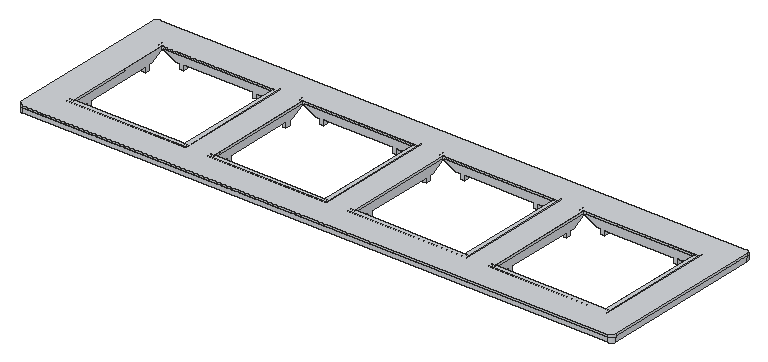
Revit family "Gira_0214225", category Electrical Fixtures, host Face, Revit 2017
Family settings
  Host = Face
  Maintain Annotation Orientation = No
  Round Connector Dimension = Use Diameter
  Part Type = Normal
  Cut with Voids When Loaded = No
  Shared = No
  Room Calculation Point = No
Parameters (values of type "Cov.fr. 4-g flat Gira E2 p.white m")
  With mounting grid = "No"
  With hinged lid = "No"
  URL = "http://katalog.gira.de/en/datenblatt.html?artikelnr=0214225"
  Type of fastening = "Clamp mounting"
  Transparent = "No"
  Surface protection = "Other"
  Surface finishing = "Matt"
  Suitable for wall duct = "No"
  Suitable for flush-mounted installation = "Yes"
  Suitable for floor box = "No"
  Suitable for built-in installation = "No"
  RAL-number (akin) = "9010"
  Number of units vertical = "4"
  Number of units horizontal = "4"
  Number of units = "4"
  Name = "Cov.fr. 4-g flat Gira E2 c.alum."
  Mounting direction = "Horizontal and vertical"
  Material quality = "Thermoplastic"
  Material = "Plastic"
  Manufacturer URL = "https://www.gira.de/"
  Manufacturer = "Gira"
  Label space/information surface = "No"
  Keynote = ""
  HeinzeBIM = "https://bimportal.heinze.de/bim/cov-fr-4-g-flat-gira-e2-c-alum-/c21f727d1ff6ac034fc66f4489626bb5254fbf10"
  Halogen free = "Yes"
  HAN = "0214255"
  GTIN = "4010337021346"
  Description = "Cov.fr.4g flat E2 PWm,Gira E2 cover frame for flat installation,pure white matt,4-gang,"
  Degree of protection (IP) = "IP20"
  Default Elevation = 1219.2 mm
  Data sheet (1) = "https://katalog.gira.de/en/download.html?artikelnr=0214255"
  Colour = "Aluminium"
  Category = "Cover frame for domestic switching devices"
  BIM (1) = "https://media.stage.bim.site/public/gira/36a6b08/E2flach_Rahmen_4fach.rfa"
  Available = "No"
Reference planes
  plane 1 "Center (Front/Back)": y = 0
  plane 2: z = 0
  plane 3 "Center (Left/Right)": x = 0
Forms (mm)
  Extrusion 1, solid, detail levels fine
    sketch origin (0, 0, 0) x (1, 0, 0) y (0, 1, 0)
      loop
        arc (-148.2, 43.9) -> (-149.968, 43.168) -> (-150.7, 41.4) r 2.5
        line (-150.7, 41.4) -> (-150.7, -41.4)
        arc (-150.7, -41.4) -> (-149.968, -43.168) -> (-148.2, -43.9) r 2.5
        line (-148.2, -43.9) -> (148.2, -43.9)
        arc (148.2, -43.9) -> (149.968, -43.168) -> (150.7, -41.4) r 2.5
        line (150.7, -41.4) -> (150.7, 41.4)
        arc (150.7, 41.4) -> (149.968, 43.168) -> (148.2, 43.9) r 2.5
        line (148.2, 43.9) -> (-148.2, 43.9)
      loop
        spline (-134.944, -27.245) -> (-134.936, -27.363) -> (-134.913, -27.478) -> (-134.875, -27.589) -> (-134.823, -27.695) -> (-134.758, -27.792) -> (-134.681, -27.881) -> (-134.592, -27.958) -> (-134.495, -28.023) -> (-134.389, -28.075) -> (-134.278, -28.113) -> (-134.163, -28.136) -> (-134.045, -28.144)
        line (-134.045, -28.144) -> (-79.555, -28.144)
        spline (-79.555, -28.144) -> (-79.437, -28.136) -> (-79.322, -28.113) -> (-79.211, -28.075) -> (-79.105, -28.023) -> (-79.008, -27.958) -> (-78.919, -27.881) -> (-78.842, -27.792) -> (-78.777, -27.695) -> (-78.725, -27.589) -> (-78.687, -27.478) -> (-78.664, -27.363) -> (-78.656, -27.245)
        line (-78.656, -27.245) -> (-78.656, 27.245)
        spline (-78.656, 27.245) -> (-78.664, 27.363) -> (-78.687, 27.478) -> (-78.725, 27.589) -> (-78.777, 27.695) -> (-78.842, 27.792) -> (-78.919, 27.881) -> (-79.008, 27.958) -> (-79.105, 28.023) -> (-79.211, 28.075) -> (-79.322, 28.113) -> (-79.437, 28.136) -> (-79.555, 28.144)
        line (-79.555, 28.144) -> (-134.045, 28.144)
        spline (-134.045, 28.144) -> (-134.163, 28.136) -> (-134.278, 28.113) -> (-134.389, 28.075) -> (-134.495, 28.023) -> (-134.592, 27.958) -> (-134.681, 27.881) -> (-134.758, 27.792) -> (-134.823, 27.695) -> (-134.875, 27.589) -> (-134.913, 27.478) -> (-134.936, 27.363) -> (-134.944, 27.245)
        line (-134.944, 27.245) -> (-134.944, -27.245)
      loop
        spline (134.045, -28.144) -> (134.163, -28.136) -> (134.278, -28.113) -> (134.389, -28.075) -> (134.495, -28.023) -> (134.592, -27.958) -> (134.681, -27.881) -> (134.758, -27.792) -> (134.823, -27.695) -> (134.875, -27.589) -> (134.913, -27.478) -> (134.936, -27.363) -> (134.944, -27.245)
        line (134.944, -27.245) -> (134.944, 27.245)
        spline (134.944, 27.245) -> (134.936, 27.363) -> (134.913, 27.478) -> (134.875, 27.589) -> (134.823, 27.695) -> (134.758, 27.792) -> (134.681, 27.881) -> (134.592, 27.958) -> (134.495, 28.023) -> (134.389, 28.075) -> (134.278, 28.113) -> (134.163, 28.136) -> (134.045, 28.144)
        line (134.045, 28.144) -> (79.555, 28.144)
        spline (79.555, 28.144) -> (79.437, 28.136) -> (79.322, 28.113) -> (79.211, 28.075) -> (79.105, 28.023) -> (79.008, 27.958) -> (78.919, 27.881) -> (78.842, 27.792) -> (78.777, 27.695) -> (78.725, 27.589) -> (78.687, 27.478) -> (78.664, 27.363) -> (78.656, 27.245)
        line (78.656, 27.245) -> (78.656, -27.245)
        spline (78.656, -27.245) -> (78.664, -27.363) -> (78.687, -27.478) -> (78.725, -27.589) -> (78.777, -27.695) -> (78.842, -27.792) -> (78.919, -27.881) -> (79.008, -27.958) -> (79.105, -28.023) -> (79.211, -28.075) -> (79.322, -28.113) -> (79.437, -28.136) -> (79.555, -28.144)
        line (79.555, -28.144) -> (134.045, -28.144)
      loop
        spline (-63.744, -27.245) -> (-63.736, -27.363) -> (-63.713, -27.478) -> (-63.675, -27.589) -> (-63.623, -27.695) -> (-63.558, -27.792) -> (-63.481, -27.881) -> (-63.392, -27.958) -> (-63.295, -28.023) -> (-63.189, -28.075) -> (-63.078, -28.113) -> (-62.963, -28.136) -> (-62.845, -28.144)
        line (-62.845, -28.144) -> (-8.355, -28.144)
        spline (-8.355, -28.144) -> (-8.237, -28.136) -> (-8.122, -28.113) -> (-8.011, -28.075) -> (-7.905, -28.023) -> (-7.808, -27.958) -> (-7.719, -27.881) -> (-7.642, -27.792) -> (-7.577, -27.695) -> (-7.525, -27.589) -> (-7.487, -27.478) -> (-7.464, -27.363) -> (-7.456, -27.245)
        line (-7.456, -27.245) -> (-7.456, 27.245)
        spline (-7.456, 27.245) -> (-7.464, 27.363) -> (-7.487, 27.478) -> (-7.525, 27.589) -> (-7.577, 27.695) -> (-7.642, 27.792) -> (-7.719, 27.881) -> (-7.808, 27.958) -> (-7.905, 28.023) -> (-8.011, 28.075) -> (-8.122, 28.113) -> (-8.237, 28.136) -> (-8.355, 28.144)
        line (-8.355, 28.144) -> (-62.845, 28.144)
        spline (-62.845, 28.144) -> (-62.963, 28.136) -> (-63.078, 28.113) -> (-63.189, 28.075) -> (-63.295, 28.023) -> (-63.392, 27.958) -> (-63.481, 27.881) -> (-63.558, 27.792) -> (-63.623, 27.695) -> (-63.675, 27.589) -> (-63.713, 27.478) -> (-63.736, 27.363) -> (-63.744, 27.245)
        line (-63.744, 27.245) -> (-63.744, -27.245)
      loop
        spline (7.456, -27.245) -> (7.464, -27.363) -> (7.487, -27.478) -> (7.525, -27.589) -> (7.577, -27.695) -> (7.642, -27.792) -> (7.719, -27.881) -> (7.808, -27.958) -> (7.905, -28.023) -> (8.011, -28.075) -> (8.122, -28.113) -> (8.237, -28.136) -> (8.355, -28.144)
        line (8.355, -28.144) -> (62.845, -28.144)
        spline (62.845, -28.144) -> (62.963, -28.136) -> (63.078, -28.113) -> (63.189, -28.075) -> (63.295, -28.023) -> (63.392, -27.958) -> (63.481, -27.881) -> (63.558, -27.792) -> (63.623, -27.695) -> (63.675, -27.589) -> (63.713, -27.478) -> (63.736, -27.363) -> (63.744, -27.245)
        line (63.744, -27.245) -> (63.744, 27.245)
        spline (63.744, 27.245) -> (63.736, 27.363) -> (63.713, 27.478) -> (63.675, 27.589) -> (63.623, 27.695) -> (63.558, 27.792) -> (63.481, 27.881) -> (63.392, 27.958) -> (63.295, 28.023) -> (63.189, 28.075) -> (63.078, 28.113) -> (62.963, 28.136) -> (62.845, 28.144)
        line (62.845, 28.144) -> (8.355, 28.144)
        spline (8.355, 28.144) -> (8.237, 28.136) -> (8.122, 28.113) -> (8.011, 28.075) -> (7.905, 28.023) -> (7.808, 27.958) -> (7.719, 27.881) -> (7.642, 27.792) -> (7.577, 27.695) -> (7.525, 27.589) -> (7.487, 27.478) -> (7.464, 27.363) -> (7.456, 27.245)
        line (7.456, 27.245) -> (7.456, -27.245)
    from 2.5 to 3.4
  Extrusion 2, solid, detail levels fine
    sketch origin (0, 0, 0) x (1, 0, 0) y (0, 1, 0)
      loop
        arc (-148.2, 43.9) -> (-149.968, 43.168) -> (-150.7, 41.4) r 2.5
        line (-150.7, 41.4) -> (-150.7, -41.4)
        arc (-150.7, -41.4) -> (-149.968, -43.168) -> (-148.2, -43.9) r 2.5
        line (-148.2, -43.9) -> (148.2, -43.9)
        arc (148.2, -43.9) -> (149.968, -43.168) -> (150.7, -41.4) r 2.5
        line (150.7, -41.4) -> (150.7, 41.4)
        arc (150.7, 41.4) -> (149.968, 43.168) -> (148.2, 43.9) r 2.5
        line (148.2, 43.9) -> (-148.2, 43.9)
      loop
        arc (-148.2, 43.4) -> (-149.614, 42.814) -> (-150.2, 41.4) r 2
        line (-150.2, 41.4) -> (-150.2, -41.4)
        arc (-150.2, -41.4) -> (-149.614, -42.814) -> (-148.2, -43.4) r 2
        line (-148.2, -43.4) -> (148.2, -43.4)
        arc (148.2, -43.4) -> (149.614, -42.814) -> (150.2, -41.4) r 2
        line (150.2, -41.4) -> (150.2, 41.4)
        arc (150.2, 41.4) -> (149.614, 42.814) -> (148.2, 43.4) r 2
        line (148.2, 43.4) -> (-148.2, 43.4)
    from 0 to 2.5
  Extrusion 3, solid, detail levels fine
    sketch origin (-106.8, 0, 0) x (1, 0, 0) y (0, 0, 1)
      loop
        line (-17.5, -4.06) -> (-17.5, -1.56) -> (17.5, -1.56) -> (17.5, -4.06) -> (19.5, -4.06) -> (19.5, -1.56) -> (21.654, -1.56) -> (27.214, 1.65) -> (30, 1.65) -> (30, 3.4) -> (-30, 3.4) -> (-30, 1.65) -> (-27.214, 1.65) -> (-21.654, -1.56) -> (-19.5, -1.56) -> (-19.5, -4.06) -> (-17.5, -4.06)
    from 28.144 to 30
  Extrusion 4, solid, detail levels fine
    sketch origin (-106.8, 0, 0) x (0, -1, 0) y (0, 0, -1)
      loop
        line (-17.5, 4.06) -> (-19.5, 4.06) -> (-19.5, 1.56) -> (-21.654, 1.56) -> (-27.214, -1.65) -> (-28.144, -1.65) -> (-28.144, -3.4) -> (28.144, -3.4) -> (28.144, -1.65) -> (27.214, -1.65) -> (21.654, 1.56) -> (19.5, 1.56) -> (19.5, 4.06) -> (17.5, 4.06) -> (17.5, 1.56) -> (-17.5, 1.56) -> (-17.5, 4.06)
    from 28.144 to 30
  Extrusion 5, solid, detail levels medium
    sketch origin (-106.8, 0, 0) x (0, -1, 0) y (0, 0, 1)
      loop
        line (-17.5, -4.06) -> (-17.5, -1.56) -> (17.5, -1.56) -> (17.5, -4.06) -> (19.5, -4.06) -> (19.5, -1.56) -> (28.144, -1.56) -> (28.144, 3.4) -> (-28.144, 3.4) -> (-28.144, -1.56) -> (-19.5, -1.56) -> (-19.5, -4.06) -> (-17.5, -4.06)
    from 28.144 to 30
  Extrusion 6, solid, detail levels fine
    sketch origin (-106.8, 0, 0) x (1, 0, 0) y (0, 0, -1)
      loop
        line (-17.5, 4.06) -> (-19.5, 4.06) -> (-19.5, 1.56) -> (-21.654, 1.56) -> (-27.214, -1.65) -> (-30, -1.65) -> (-30, -3.4) -> (30, -3.4) -> (30, -1.65) -> (27.214, -1.65) -> (21.654, 1.56) -> (19.5, 1.56) -> (19.5, 4.06) -> (17.5, 4.06) -> (17.5, 1.56) -> (-17.5, 1.56) -> (-17.5, 4.06)
    from 28.144 to 30
  Extrusion 7, solid, detail levels coarse
    sketch origin (0, 0, 0) x (1, 0, 0) y (0, 1, 0)
      loop
        line (-150.7, 43.9) -> (-150.7, -43.9) -> (150.7, -43.9) -> (150.7, 43.9) -> (-150.7, 43.9)
    from -4.06 to 3.4
  Extrusion 8, solid, detail levels medium
    sketch origin (0, 0, 0) x (1, 0, 0) y (0, 1, 0)
      loop
        line (-150.7, 43.9) -> (-150.7, -43.9) -> (150.7, -43.9) -> (150.7, 43.9) -> (-150.7, 43.9)
    from 0 to 3.4
  Extrusion 9, solid, detail levels medium
    sketch origin (-106.8, 0, 0) x (1, 0, 0) y (0, 0, 1)
      loop
        line (-17.5, -4.06) -> (-17.5, -1.56) -> (17.5, -1.56) -> (17.5, -4.06) -> (19.5, -4.06) -> (19.5, -1.56) -> (30, -1.56) -> (30, 3.4) -> (-30, 3.4) -> (-30, -1.56) -> (-19.5, -1.56) -> (-19.5, -4.06) -> (-17.5, -4.06)
    from 28.144 to 30
  Extrusion 10, solid, detail levels medium
    sketch origin (-106.8, 0, 0) x (1, 0, 0) y (0, 0, -1)
      loop
        line (-17.5, 4.06) -> (-19.5, 4.06) -> (-19.5, 1.56) -> (-30, 1.56) -> (-30, -3.4) -> (30, -3.4) -> (30, 1.56) -> (19.5, 1.56) -> (19.5, 4.06) -> (17.5, 4.06) -> (17.5, 1.56) -> (-17.5, 1.56) -> (-17.5, 4.06)
    from 28.144 to 30
  Extrusion 11, solid, detail levels medium
    sketch origin (-106.8, 0, 0) x (0, -1, 0) y (0, 0, -1)
      loop
        line (-17.5, 4.06) -> (-19.5, 4.06) -> (-19.5, 1.56) -> (-28.144, 1.56) -> (-28.144, -3.4) -> (28.144, -3.4) -> (28.144, 1.56) -> (19.5, 1.56) -> (19.5, 4.06) -> (17.5, 4.06) -> (17.5, 1.56) -> (-17.5, 1.56) -> (-17.5, 4.06)
    from 28.144 to 30
  Extrusion 12, solid, detail levels fine
    sketch origin (35.6, 0, 0) x (-1, 0, 0) y (0, 0, -1)
      loop
        line (-17.5, 4.06) -> (-19.5, 4.06) -> (-19.5, 1.56) -> (-21.654, 1.56) -> (-27.214, -1.65) -> (-30, -1.65) -> (-30, -3.4) -> (30, -3.4) -> (30, -1.65) -> (27.214, -1.65) -> (21.654, 1.56) -> (19.5, 1.56) -> (19.5, 4.06) -> (17.5, 4.06) -> (17.5, 1.56) -> (-17.5, 1.56) -> (-17.5, 4.06)
    from 28.144 to 30
  Extrusion 13, solid, detail levels fine
    sketch origin (35.6, 0, 0) x (0, -1, 0) y (0, 0, 1)
      loop
        line (-17.5, -4.06) -> (-17.5, -1.56) -> (17.5, -1.56) -> (17.5, -4.06) -> (19.5, -4.06) -> (19.5, -1.56) -> (21.654, -1.56) -> (27.214, 1.65) -> (28.144, 1.65) -> (28.144, 3.4) -> (-28.144, 3.4) -> (-28.144, 1.65) -> (-27.214, 1.65) -> (-21.654, -1.56) -> (-19.5, -1.56) -> (-19.5, -4.06) -> (-17.5, -4.06)
    from 28.144 to 30
  Extrusion 14, solid, detail levels medium
    sketch origin (35.6, 0, 0) x (0, -1, 0) y (0, 0, -1)
      loop
        line (-17.5, 4.06) -> (-19.5, 4.06) -> (-19.5, 1.56) -> (-28.144, 1.56) -> (-28.144, -3.4) -> (28.144, -3.4) -> (28.144, 1.56) -> (19.5, 1.56) -> (19.5, 4.06) -> (17.5, 4.06) -> (17.5, 1.56) -> (-17.5, 1.56) -> (-17.5, 4.06)
    from 28.144 to 30
  Extrusion 15, solid, detail levels fine
    sketch origin (35.6, 0, 0) x (-1, 0, 0) y (0, 0, 1)
      loop
        line (-17.5, -4.06) -> (-17.5, -1.56) -> (17.5, -1.56) -> (17.5, -4.06) -> (19.5, -4.06) -> (19.5, -1.56) -> (21.654, -1.56) -> (27.214, 1.65) -> (30, 1.65) -> (30, 3.4) -> (-30, 3.4) -> (-30, 1.65) -> (-27.214, 1.65) -> (-21.654, -1.56) -> (-19.5, -1.56) -> (-19.5, -4.06) -> (-17.5, -4.06)
    from 28.144 to 30
  Extrusion 16, solid, detail levels medium
    sketch origin (35.6, 0, 0) x (-1, 0, 0) y (0, 0, -1)
      loop
        line (-17.5, 4.06) -> (-19.5, 4.06) -> (-19.5, 1.56) -> (-30, 1.56) -> (-30, -3.4) -> (30, -3.4) -> (30, 1.56) -> (19.5, 1.56) -> (19.5, 4.06) -> (17.5, 4.06) -> (17.5, 1.56) -> (-17.5, 1.56) -> (-17.5, 4.06)
    from 28.144 to 30
  Extrusion 17, solid, detail levels medium
    sketch origin (35.6, 0, 0) x (-1, 0, 0) y (0, 0, 1)
      loop
        line (-17.5, -4.06) -> (-17.5, -1.56) -> (17.5, -1.56) -> (17.5, -4.06) -> (19.5, -4.06) -> (19.5, -1.56) -> (30, -1.56) -> (30, 3.4) -> (-30, 3.4) -> (-30, -1.56) -> (-19.5, -1.56) -> (-19.5, -4.06) -> (-17.5, -4.06)
    from 28.144 to 30
  Extrusion 18, solid, detail levels medium
    sketch origin (35.6, 0, 0) x (0, -1, 0) y (0, 0, 1)
      loop
        line (-17.5, -4.06) -> (-17.5, -1.56) -> (17.5, -1.56) -> (17.5, -4.06) -> (19.5, -4.06) -> (19.5, -1.56) -> (28.144, -1.56) -> (28.144, 3.4) -> (-28.144, 3.4) -> (-28.144, -1.56) -> (-19.5, -1.56) -> (-19.5, -4.06) -> (-17.5, -4.06)
    from 28.144 to 30
  Extrusion 19, solid, detail levels fine
    sketch origin (-164.944, 0, 0) x (0, -1, 0) y (0, 0, -1)
      loop
        line (-17.5, 4.06) -> (-19.5, 4.06) -> (-19.5, 1.56) -> (-21.654, 1.56) -> (-27.214, -1.65) -> (-28.144, -1.65) -> (-28.144, -3.4) -> (28.144, -3.4) -> (28.144, -1.65) -> (27.214, -1.65) -> (21.654, 1.56) -> (19.5, 1.56) -> (19.5, 4.06) -> (17.5, 4.06) -> (17.5, 1.56) -> (-17.5, 1.56) -> (-17.5, 4.06)
    from 28.144 to 30
  Extrusion 20, solid, detail levels fine
    sketch origin (93.744, 0, 0) x (0, -1, 0) y (0, 0, 1)
      loop
        line (-17.5, -4.06) -> (-17.5, -1.56) -> (17.5, -1.56) -> (17.5, -4.06) -> (19.5, -4.06) -> (19.5, -1.56) -> (21.654, -1.56) -> (27.214, 1.65) -> (28.144, 1.65) -> (28.144, 3.4) -> (-28.144, 3.4) -> (-28.144, 1.65) -> (-27.214, 1.65) -> (-21.654, -1.56) -> (-19.5, -1.56) -> (-19.5, -4.06) -> (-17.5, -4.06)
    from 28.144 to 30
  Extrusion 21, solid, detail levels fine
    sketch origin (-35.6, 0, 0) x (-1, 0, 0) y (0, 0, -1)
      loop
        line (-17.5, 4.06) -> (-19.5, 4.06) -> (-19.5, 1.56) -> (-21.654, 1.56) -> (-27.214, -1.65) -> (-30, -1.65) -> (-30, -3.4) -> (30, -3.4) -> (30, -1.65) -> (27.214, -1.65) -> (21.654, 1.56) -> (19.5, 1.56) -> (19.5, 4.06) -> (17.5, 4.06) -> (17.5, 1.56) -> (-17.5, 1.56) -> (-17.5, 4.06)
    from 28.144 to 30
  Extrusion 22, solid, detail levels fine
    sketch origin (-35.6, 0, 0) x (0, -1, 0) y (0, 0, 1)
      loop
        line (-17.5, -4.06) -> (-17.5, -1.56) -> (17.5, -1.56) -> (17.5, -4.06) -> (19.5, -4.06) -> (19.5, -1.56) -> (21.654, -1.56) -> (27.214, 1.65) -> (28.144, 1.65) -> (28.144, 3.4) -> (-28.144, 3.4) -> (-28.144, 1.65) -> (-27.214, 1.65) -> (-21.654, -1.56) -> (-19.5, -1.56) -> (-19.5, -4.06) -> (-17.5, -4.06)
    from 28.144 to 30
  Extrusion 23, solid, detail levels medium
    sketch origin (-35.6, 0, 0) x (0, -1, 0) y (0, 0, -1)
      loop
        line (-17.5, 4.06) -> (-19.5, 4.06) -> (-19.5, 1.56) -> (-28.144, 1.56) -> (-28.144, -3.4) -> (28.144, -3.4) -> (28.144, 1.56) -> (19.5, 1.56) -> (19.5, 4.06) -> (17.5, 4.06) -> (17.5, 1.56) -> (-17.5, 1.56) -> (-17.5, 4.06)
    from 28.144 to 30
  Extrusion 24, solid, detail levels fine
    sketch origin (-35.6, 0, 0) x (-1, 0, 0) y (0, 0, 1)
      loop
        line (-17.5, -4.06) -> (-17.5, -1.56) -> (17.5, -1.56) -> (17.5, -4.06) -> (19.5, -4.06) -> (19.5, -1.56) -> (21.654, -1.56) -> (27.214, 1.65) -> (30, 1.65) -> (30, 3.4) -> (-30, 3.4) -> (-30, 1.65) -> (-27.214, 1.65) -> (-21.654, -1.56) -> (-19.5, -1.56) -> (-19.5, -4.06) -> (-17.5, -4.06)
    from 28.144 to 30
  Extrusion 25, solid, detail levels medium
    sketch origin (-35.6, 0, 0) x (-1, 0, 0) y (0, 0, -1)
      loop
        line (-17.5, 4.06) -> (-19.5, 4.06) -> (-19.5, 1.56) -> (-30, 1.56) -> (-30, -3.4) -> (30, -3.4) -> (30, 1.56) -> (19.5, 1.56) -> (19.5, 4.06) -> (17.5, 4.06) -> (17.5, 1.56) -> (-17.5, 1.56) -> (-17.5, 4.06)
    from 28.144 to 30
  Extrusion 26, solid, detail levels medium
    sketch origin (-35.6, 0, 0) x (-1, 0, 0) y (0, 0, 1)
      loop
        line (-17.5, -4.06) -> (-17.5, -1.56) -> (17.5, -1.56) -> (17.5, -4.06) -> (19.5, -4.06) -> (19.5, -1.56) -> (30, -1.56) -> (30, 3.4) -> (-30, 3.4) -> (-30, -1.56) -> (-19.5, -1.56) -> (-19.5, -4.06) -> (-17.5, -4.06)
    from 28.144 to 30
  Extrusion 27, solid, detail levels medium
    sketch origin (-35.6, 0, 0) x (0, -1, 0) y (0, 0, 1)
      loop
        line (-17.5, -4.06) -> (-17.5, -1.56) -> (17.5, -1.56) -> (17.5, -4.06) -> (19.5, -4.06) -> (19.5, -1.56) -> (28.144, -1.56) -> (28.144, 3.4) -> (-28.144, 3.4) -> (-28.144, -1.56) -> (-19.5, -1.56) -> (-19.5, -4.06) -> (-17.5, -4.06)
    from 28.144 to 30
  Extrusion 28, solid, detail levels fine
    sketch origin (22.544, 0, 0) x (0, -1, 0) y (0, 0, 1)
      loop
        line (-17.5, -4.06) -> (-17.5, -1.56) -> (17.5, -1.56) -> (17.5, -4.06) -> (19.5, -4.06) -> (19.5, -1.56) -> (21.654, -1.56) -> (27.214, 1.65) -> (28.144, 1.65) -> (28.144, 3.4) -> (-28.144, 3.4) -> (-28.144, 1.65) -> (-27.214, 1.65) -> (-21.654, -1.56) -> (-19.5, -1.56) -> (-19.5, -4.06) -> (-17.5, -4.06)
    from 28.144 to 30
  Extrusion 29, solid, detail levels fine
    sketch origin (106.8, 0, 0) x (-1, 0, 0) y (0, 0, -1)
      loop
        line (-17.5, 4.06) -> (-19.5, 4.06) -> (-19.5, 1.56) -> (-21.654, 1.56) -> (-27.214, -1.65) -> (-30, -1.65) -> (-30, -3.4) -> (30, -3.4) -> (30, -1.65) -> (27.214, -1.65) -> (21.654, 1.56) -> (19.5, 1.56) -> (19.5, 4.06) -> (17.5, 4.06) -> (17.5, 1.56) -> (-17.5, 1.56) -> (-17.5, 4.06)
    from 28.144 to 30
  Extrusion 30, solid, detail levels fine
    sketch origin (106.8, 0, 0) x (0, -1, 0) y (0, 0, 1)
      loop
        line (-17.5, -4.06) -> (-17.5, -1.56) -> (17.5, -1.56) -> (17.5, -4.06) -> (19.5, -4.06) -> (19.5, -1.56) -> (21.654, -1.56) -> (27.214, 1.65) -> (28.144, 1.65) -> (28.144, 3.4) -> (-28.144, 3.4) -> (-28.144, 1.65) -> (-27.214, 1.65) -> (-21.654, -1.56) -> (-19.5, -1.56) -> (-19.5, -4.06) -> (-17.5, -4.06)
    from 28.144 to 30
  Extrusion 31, solid, detail levels medium
    sketch origin (106.8, 0, 0) x (0, -1, 0) y (0, 0, -1)
      loop
        line (-17.5, 4.06) -> (-19.5, 4.06) -> (-19.5, 1.56) -> (-28.144, 1.56) -> (-28.144, -3.4) -> (28.144, -3.4) -> (28.144, 1.56) -> (19.5, 1.56) -> (19.5, 4.06) -> (17.5, 4.06) -> (17.5, 1.56) -> (-17.5, 1.56) -> (-17.5, 4.06)
    from 28.144 to 30
  Extrusion 32, solid, detail levels fine
    sketch origin (106.8, 0, 0) x (-1, 0, 0) y (0, 0, 1)
      loop
        line (-17.5, -4.06) -> (-17.5, -1.56) -> (17.5, -1.56) -> (17.5, -4.06) -> (19.5, -4.06) -> (19.5, -1.56) -> (21.654, -1.56) -> (27.214, 1.65) -> (30, 1.65) -> (30, 3.4) -> (-30, 3.4) -> (-30, 1.65) -> (-27.214, 1.65) -> (-21.654, -1.56) -> (-19.5, -1.56) -> (-19.5, -4.06) -> (-17.5, -4.06)
    from 28.144 to 30
  Extrusion 33, solid, detail levels medium
    sketch origin (106.8, 0, 0) x (-1, 0, 0) y (0, 0, -1)
      loop
        line (-17.5, 4.06) -> (-19.5, 4.06) -> (-19.5, 1.56) -> (-30, 1.56) -> (-30, -3.4) -> (30, -3.4) -> (30, 1.56) -> (19.5, 1.56) -> (19.5, 4.06) -> (17.5, 4.06) -> (17.5, 1.56) -> (-17.5, 1.56) -> (-17.5, 4.06)
    from 28.144 to 30
  Extrusion 34, solid, detail levels medium
    sketch origin (106.8, 0, 0) x (-1, 0, 0) y (0, 0, 1)
      loop
        line (-17.5, -4.06) -> (-17.5, -1.56) -> (17.5, -1.56) -> (17.5, -4.06) -> (19.5, -4.06) -> (19.5, -1.56) -> (30, -1.56) -> (30, 3.4) -> (-30, 3.4) -> (-30, -1.56) -> (-19.5, -1.56) -> (-19.5, -4.06) -> (-17.5, -4.06)
    from 28.144 to 30
  Extrusion 35, solid, detail levels medium
    sketch origin (106.8, 0, 0) x (0, -1, 0) y (0, 0, 1)
      loop
        line (-17.5, -4.06) -> (-17.5, -1.56) -> (17.5, -1.56) -> (17.5, -4.06) -> (19.5, -4.06) -> (19.5, -1.56) -> (28.144, -1.56) -> (28.144, 3.4) -> (-28.144, 3.4) -> (-28.144, -1.56) -> (-19.5, -1.56) -> (-19.5, -4.06) -> (-17.5, -4.06)
    from 28.144 to 30
  Extrusion 36, solid, detail levels fine
    sketch origin (164.944, 0, 0) x (0, -1, 0) y (0, 0, 1)
      loop
        line (-17.5, -4.06) -> (-17.5, -1.56) -> (17.5, -1.56) -> (17.5, -4.06) -> (19.5, -4.06) -> (19.5, -1.56) -> (21.654, -1.56) -> (27.214, 1.65) -> (28.144, 1.65) -> (28.144, 3.4) -> (-28.144, 3.4) -> (-28.144, 1.65) -> (-27.214, 1.65) -> (-21.654, -1.56) -> (-19.5, -1.56) -> (-19.5, -4.06) -> (-17.5, -4.06)
    from 28.144 to 30
Dimensions and locks
  aligned and locked: plane 2 to host face
  aligned and locked: level to host face
